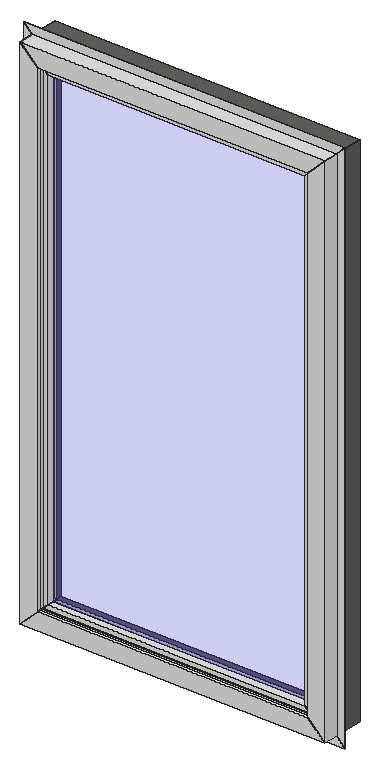
Revit family "511_CA_HL_nailfin", category Windows, host Wall, Revit 2019
Family settings
  Host = Wall
  OmniClass Number = 23.30.20.00
  OmniClass Title = Windows
  Always vertical = Yes
  Cut with Voids When Loaded = No
  Shared = No
  Room Calculation Point = No
Parameters (values of type "42x72Max")
  Setback = 1.71007"
  MLW = 3.2495"
  MLH = 1 / 2 * Height  # 36"
  Interior Color [instance] = White
  Height = 72"
  Exterior Color [instance] = Bronze
  Default Sill Height = 31.49606"
  Wall Closure = By host
  Width = 42"
Types (22): name | Setback | MLH | Height | Exterior Color | Width
  (no name) | 1.71007" | 36" | 72" | Bronze | 42"
  42x72Max | 1.71007" | 36" | 72" | Bronze | 42"
  30x72 | 2" | 36" | 72" | White | 30"
  15.75x21Min | 2" | 10 1/2" | 21" | White | 15 3/4"
  24x60 | 2" | 30" | 60" | White | 24"
  24x24 | 2" | 12" | 24" | White | 24"
  24x30 | 2" | 15" | 30" | White | 24"
  24x36 | 2" | 18" | 36" | White | 24"
  24x42 | 2" | 21" | 42" | White | 24"
  24x48 | 2" | 24" | 48" | White | 24"
  24x54 | 2" | 27" | 54" | White | 24"
  30x30 | 2" | 15" | 30" | White | 30"
  30x36 | 2" | 18" | 36" | White | 30"
  30x42 | 2" | 21" | 42" | White | 30"
  30x48 | 2" | 24" | 48" | White | 30"
  30x54 | 2" | 27" | 54" | White | 30"
  30x60 | 2" | 30" | 60" | White | 30"
  30x66 | 2" | 33" | 66" | White | 30"
  36x36 | 2" | 18" | 36" | White | 36"
  36x42 | 2" | 21" | 42" | White | 36"
  36x48 | 2" | 24" | 48" | White | 36"
  36x54 | 2" | 27" | 54" | White | 36"
Reference planes (in)
  plane 1 "Center (Front/Back)": y = 0
  plane 2 "Center (Left/Right)": x = 0
  plane 3 "Left": x = -21
  plane 4 "Right": x = 21
  plane 5 "Sill": z = 31.49606
  plane 6 "Head": z = 103.49606
  plane 7 "Exterior": y = 3.93701
  plane 8 "Interior": y = -3.93701
  plane 9 "Front of wall": y = 3.93701
  plane 10: x = -18.2505
  plane 11: x = 18.2515
  plane 12 "MLW1": x = 17.7505
  plane 13 "MLW2": x = -17.7505
  plane 14 "Front of glass": y = 4.22346
  plane 15 "Setback": y = 2.22694
Forms (in)
  Extrusion 1, solid, material "White" <- "Interior Color"
    sketch origin (0, 0, 0) x (0, -1, 0) y (0, 0, 1)
      loop
        line (-2.30664, 31.49606) -> (-2.30664, 30.3752) -> (-2.22694, 30.3752) -> (-2.22694, 31.49606) -> (-0.18946, 31.49606) -> (-0.18946, 33.86233) -> (-0.56308, 33.86233) -> (-0.56308, 34.04963) -> (-0.89087, 34.04963) -> (-0.89087, 34.73361) -> (-1.77511, 34.73361) -> (-1.77511, 34.23545) -> (-2.51687, 34.23545) -> (-2.51687, 34.67184) -> (-3.29201, 34.67184) -> (-3.29201, 34.11091) -> (-3.33186, 34.11091) -> (-3.33186, 32.12753) -> (-6.16739, 31.92591) -> (-6.16739, 31.49606) -> (-2.30664, 31.49606)
    from -22.12086 to 22.12086
  Extrusion 2, solid, material "White" <- "Interior Color"
    sketch origin (0, 0, 0) x (0, -1, 0) y (0, 0, 1)
      loop
        line (-2.30664, 103.49606) -> (-6.16739, 103.49606) -> (-6.16739, 103.06622) -> (-3.33186, 102.8646) -> (-3.33186, 100.88122) -> (-3.29201, 100.88122) -> (-3.29201, 100.32029) -> (-2.51687, 100.32029) -> (-2.51687, 100.75668) -> (-1.77511, 100.75668) -> (-1.77511, 100.25852) -> (-0.89087, 100.25852) -> (-0.89087, 100.94249) -> (-0.56308, 100.94249) -> (-0.56308, 101.1298) -> (-0.18946, 101.1298) -> (-0.18946, 103.49606) -> (-2.22694, 103.49606) -> (-2.22694, 104.61692) -> (-2.30664, 104.61692) -> (-2.30664, 103.49606)
    from -22.12086 to 22.12086
  Extrusion 3, solid, material "White" <- "Interior Color"
    sketch origin (0, 0, 31.49606) x (0, -1, 0) y (1, 0, 0)
      loop
        line (-2.30664, -21) -> (-2.30664, -22.12086) -> (-2.22694, -22.12086) -> (-2.22694, -21) -> (-0.18946, -21) -> (-0.18946, -18.63374) -> (-0.56308, -18.63374) -> (-0.56308, -18.44643) -> (-0.89087, -18.44643) -> (-0.89087, -17.76245) -> (-1.77511, -17.76245) -> (-1.77511, -18.26061) -> (-2.51687, -18.26061) -> (-2.51687, -17.82423) -> (-3.29201, -17.82423) -> (-3.29201, -18.38515) -> (-3.33186, -18.38515) -> (-3.33186, -20.36853) -> (-6.16739, -20.57016) -> (-6.16739, -21) -> (-2.30664, -21)
    from -1.125 to 73.12086
  Extrusion 4, solid, material "White" <- "Interior Color"
    sketch origin (0, 0, 31.49606) x (0, -1, 0) y (1, 0, 0)
      loop
        line (-2.30664, 21) -> (-6.16739, 21) -> (-6.16739, 20.57016) -> (-3.33186, 20.36853) -> (-3.33186, 18.38515) -> (-3.29201, 18.38515) -> (-3.29201, 17.82423) -> (-2.51687, 17.82423) -> (-2.51687, 18.26061) -> (-1.77511, 18.26061) -> (-1.77511, 17.76245) -> (-0.89087, 17.76245) -> (-0.89087, 18.44643) -> (-0.56308, 18.44643) -> (-0.56308, 18.63374) -> (-0.18946, 18.63374) -> (-0.18946, 21) -> (-2.22694, 21) -> (-2.22694, 22.12086) -> (-2.30664, 22.12086) -> (-2.30664, 21)
    from -1.125 to 73.12086
  Sweep 5, void
    path in 3D
      loop
        line (18.92555, 6.47694, 103.49606) -> (18.92555, 2.22694, 103.49606)
    profile origin (18.92555, 4.35194, 103.49606) x (1, 0, 0) y (0, 0, 1)
      loop
        line (3.36222, 1.28777) -> (-1.49101, 1.28777) -> (-1.49101, -3.17577) -> (-0.5404, -3.17577) -> (-0.5404, -2.61485) -> (3.36222, 1.28777)
  Sweep 6, void
    path in 3D
      loop
        line (18.92555, 6.47694, 103.49606) -> (18.92555, 2.22694, 103.49606)
    profile origin (18.92555, 4.35194, 103.49606) x (1, 0, 0) y (0, 0, 1)
      loop
        line (-0.5404, -2.61485) -> (-0.5404, -4.6245) -> (4.19995, -4.6245) -> (4.19995, 2.1255) -> (-0.5404, -2.61485)
  Sweep 7, void
    path in 3D
      loop
        line (-16.62085, 6.97694, 103.49606) -> (-16.62085, 2.22694, 103.49606)
    profile origin (-16.62085, 4.60194, 103.49606) x (1, 0, 0) y (0, 0, 1)
      loop
        line (-5.69663, 1.31749) -> (-1.7643, -2.61485) -> (-1.7643, -3.17577) -> (-0.68988, -3.17577) -> (-0.68988, 1.31749) -> (-5.69663, 1.31749)
  Sweep 8, void
    path in 3D
      loop
        line (-16.62085, 6.97694, 103.49606) -> (-16.62085, 2.22694, 103.49606)
    profile origin (-16.62085, 4.60194, 103.49606) x (1, 0, 0) y (0, 0, 1)
      loop
        line (-5.75465, 1.3755) -> (-5.75465, -3.98235) -> (-1.7643, -3.98235) -> (-1.7643, -2.61485) -> (-5.75465, 1.3755)
  Sweep 9, void
    path in 3D
      loop
        line (-17.24836, 6.47694, 31.49606) -> (-17.24836, 2.22694, 31.49606)
    profile origin (-17.24836, 4.35194, 31.49606) x (1, 0, 0) y (0, 0, 1)
      loop
        line (-5.41705, -1.66542) -> (0.01145, -1.66542) -> (0.01145, 3.17577) -> (-1.13679, 3.17577) -> (-1.13679, 2.61485) -> (-5.41705, -1.66542)
  Sweep 10, void
    path in 3D
      loop
        line (-17.24836, 6.47694, 31.49606) -> (-17.24836, 2.22694, 31.49606)
    profile origin (-17.24836, 4.35194, 31.49606) x (1, 0, 0) y (0, 0, 1)
      loop
        line (-1.13679, 2.61485) -> (-1.13679, 4.3745) -> (-5.12714, 4.3745) -> (-5.12714, -1.3755) -> (-1.13679, 2.61485)
  Sweep 11, void
    path in 3D
      loop
        line (19.07566, 6.72694, 31.49606) -> (19.07566, 2.22694, 31.49606)
    profile origin (19.07566, 4.47694, 31.49606) x (1, 0, 0) y (0, 0, 1)
      loop
        line (3.2174, -1.29306) -> (-0.69051, 2.61485) -> (-0.69051, 3.17577) -> (-1.70016, 3.17577) -> (-1.70016, -1.29306) -> (3.2174, -1.29306)
  Sweep 12, void
    path in 3D
      loop
        line (19.07566, 6.72694, 31.49606) -> (19.07566, 2.22694, 31.49606)
    profile origin (19.07566, 4.47694, 31.49606) x (1, 0, 0) y (0, 0, 1)
      loop
        line (3.37908, -1.45475) -> (3.37908, 3.8745) -> (-0.69051, 3.8745) -> (-0.69051, 2.61485) -> (3.37908, -1.45475)
  Extrusion 13, void
    sketch origin (0, 3.93701, 0) x (1, 0, 0) y (0, 0, 1)
      loop
        line (-22.49016, 104.98622) -> (-22.49016, 99.11692) -> (-16.62085, 99.11692) -> (-22.49016, 104.98622)
    from 5.10168 to 1.71007
  Extrusion 14, void
    sketch origin (0, 3.93701, 0) x (1, 0, 0) y (0, 0, 1)
      loop
        line (-23.25, 105.74606) -> (-16.93414, 99.4302) -> (-16.93414, 105.74606) -> (-23.25, 105.74606)
    from 4.4877 to 1.71007
  Extrusion 15, void
    sketch origin (0, 3.93701, 0) x (1, 0, 0) y (0, 0, 1)
      loop
        line (24.25, 106.74606) -> (16.58058, 106.74606) -> (16.58058, 99.07665) -> (24.25, 106.74606)
    from 4.70607 to 1.71007
  Extrusion 16, void
    sketch origin (0, 3.93701, 0) x (1, 0, 0) y (0, 0, 1)
      loop
        line (22.75984, 105.25591) -> (16.91414, 99.4102) -> (22.75984, 99.4102) -> (22.75984, 105.25591)
    from 4.22148 to 1.71007
  Extrusion 17, void
    sketch origin (0, 3.93701, 0) x (1, 0, 0) y (0, 0, 1)
      loop
        line (23, 29.49606) -> (16.75736, 35.7387) -> (16.75736, 29.49606) -> (23, 29.49606)
    from 4.96066 to 1.71007
  Extrusion 18, void
    sketch origin (0, 3.93701, 0) x (1, 0, 0) y (0, 0, 1)
      loop
        line (16.63959, 35.85648) -> (24.50984, 27.98622) -> (24.50984, 35.85648) -> (16.63959, 35.85648)
    from 4.43803 to 1.71007
  Extrusion 19, void
    sketch origin (0, 3.93701, 0) x (1, 0, 0) y (0, 0, 1)
      loop
        line (-17.12511, 35.37096) -> (-23.76851, 35.37096) -> (-23.76851, 28.72756) -> (-17.12511, 35.37096)
    from 4.37557 to 1.71007
  Extrusion 20, void
    sketch origin (0, 3.93701, 0) x (1, 0, 0) y (0, 0, 1)
      loop
        line (-23.5, 28.99606) -> (-17.11091, 28.99606) -> (-17.11091, 35.38515) -> (-23.5, 28.99606)
    from 6.53548 to 1.71007
  Extrusion 21, solid, material "Glass"
    sketch origin (0, 0, 0) x (0, -1, 0) y (0, 0, 1)
      loop
        line (-2.51687, 100.74759) -> (-2.51687, 34.23545) -> (-1.77511, 34.23545) -> (-1.77511, 100.74759) -> (-2.51687, 100.74759)
    from -18.2515 to 18.2505
Cuts and joins
  Sweep 5, Sweep 11, Extrusion 15, Extrusion 17 cuts Extrusion 4
  Sweep 6, Sweep 8, Extrusion 13, Extrusion 16 cuts Extrusion 2
  Sweep 7, Sweep 9, Extrusion 14, Extrusion 20 cuts Extrusion 3
  Sweep 10, Sweep 12, Extrusion 18, Extrusion 19 cuts Extrusion 1
Lines and regions (in)
  Opening 1
    outline origin (137.79528, -3.93701, 0) x (1, 0, 0) y (0, 0, 1)
      loop
        line (-116.79528, 31.49606) -> (-116.79528, 103.49606) -> (-158.79528, 103.49606) -> (-158.79528, 31.49606) -> (-116.79528, 31.49606)
  reference lines
    curve 1: line (-16.62085, 6.97694, 103.49606) -> (-16.62085, 2.22694, 103.49606)
    curve 2: line (18.92555, 6.47694, 103.49606) -> (18.92555, 2.22694, 103.49606)
    curve 3: line (-17.24836, 6.47694, 31.49606) -> (-17.24836, 2.22694, 31.49606)
    curve 4: line (19.07566, 6.72694, 31.49606) -> (19.07566, 2.22694, 31.49606)
    curve 13: line (-17.7505, 4.22346, 100.24656) -> (17.7505, 4.22346, 67.49606)
    curve 14: line (17.7505, 4.22346, 67.49606) -> (-17.7505, 4.22346, 34.74556)
  sketch lines
    curve 5: line (18.92555, 6.47694, 103.49606) -> (18.92555, 2.22694, 103.49606)
    curve 6: line (18.92555, 6.47694, 103.49606) -> (18.92555, 2.22694, 103.49606)
    curve 7: line (-16.62085, 6.97694, 103.49606) -> (-16.62085, 2.22694, 103.49606)
    curve 8: line (-16.62085, 6.97694, 103.49606) -> (-16.62085, 2.22694, 103.49606)
    curve 9: line (-17.24836, 6.47694, 31.49606) -> (-17.24836, 2.22694, 31.49606)
    curve 10: line (-17.24836, 6.47694, 31.49606) -> (-17.24836, 2.22694, 31.49606)
    curve 11: line (19.07566, 6.72694, 31.49606) -> (19.07566, 2.22694, 31.49606)
    curve 12: line (19.07566, 6.72694, 31.49606) -> (19.07566, 2.22694, 31.49606)
  model lines
    curve 15: line (17.7505, 2.22694, 67.49606) -> (-17.7505, 2.22694, 34.74556)
    curve 16: line (17.7505, 2.22694, 67.49606) -> (-17.7505, 2.22694, 100.24656)
  symbolic lines
    curve 17: line (-17.7505, 3.93701, 100.24656) -> (17.7505, 3.93701, 67.49606)
    curve 18: line (17.7505, 3.93701, 67.49606) -> (-17.7505, 3.93701, 34.74556)
Text (in)
  text "EXTERIOR" at (-77.29147, 52.45485, 0), in view "Ref. Level"
  text "INTERIOR" at (-78.01048, -32.21994, 0), in view "Ref. Level"
  text "Exterior" at (0, 36.36817, 115.8778), in view "Right"
  text "Exterior" at (0, 40.96394, 105.72475), in view "Left"
Dimensions and locks (in)
  equal spacing: plane 3 "Left", plane 2 "Center (Left/Right)", plane 4 "Right"
  "Width": plane 3 "Left" to plane 4 "Right"
  "Height": plane 5 "Sill" to plane 6 "Head"
  "Default Sill Height": plane 5 "Sill" to level
  locked: plane 7 "Exterior" to host wall at 0
  locked: plane 8 "Interior" to host wall
  locked: plane 11 to plane 4 "Right" at 2.7485
  locked: plane 3 "Left" to plane 10 at 2.7495
  "MLW": plane 12 "MLW1" to plane 4 "Right"
  "MLW": plane 3 "Left" to plane 13 "MLW2"
  plane 5 "Sill" to curve 13 = 36"
  "MLW": curve 13 to plane 6 "Head"
  "MLW": plane 5 "Sill" to curve 14
  locked: plane 14 "Front of glass" to plane 9 "Front of wall" at 0.28645
  "MLH": curve 14 to plane 6 "Head"
  "MLH": plane 5 "Sill" to curve 13
  "Setback": plane 15 "Setback" to plane 9 "Front of wall"
  Extrusion 4 sketch curve to plane 15 "Setback" = 0.07971"
  locked: Extrusion 4 sketch curve to plane 15 "Setback" at 3.94045
  locked: Extrusion 4 sketch curve to plane 15 "Setback" at 1.10492
  locked: Extrusion 4 sketch curve to plane 15 "Setback" at 1.06507
  locked: Extrusion 4 sketch curve to plane 15 "Setback" at 0.28993
  locked: plane 15 "Setback" to Extrusion 4 sketch curve at 0.45183
  locked: plane 15 "Setback" to Extrusion 4 sketch curve at 1.33607
  locked: plane 15 "Setback" to Extrusion 4 sketch curve at 1.66386
  locked: plane 15 "Setback" to Extrusion 4 sketch curve at 2.03748
  locked: plane 4 "Right" to Extrusion 4 sketch curve at 1.12086
  locked: Extrusion 4 sketch curve to plane 4 "Right" at 0.42984
  locked: Extrusion 4 sketch curve to plane 4 "Right" at 0.63147
  locked: Extrusion 4 sketch curve to plane 4 "Right" at 2.61485
  locked: Extrusion 4 sketch curve to plane 4 "Right" at 3.17577
  locked: Extrusion 4 sketch curve to plane 4 "Right" at 2.73939
  locked: Extrusion 4 sketch curve to plane 4 "Right" at 3.23755
  locked: Extrusion 4 sketch curve to plane 4 "Right" at 2.55357
  locked: Extrusion 4 sketch curve to plane 4 "Right" at 2.36626
  locked: Extrusion 3 sketch curve to plane 3 "Left" at 1.12086
  locked: plane 3 "Left" to Extrusion 3 sketch curve at 0.42984
  locked: plane 3 "Left" to Extrusion 3 sketch curve at 0.63147
  locked: plane 3 "Left" to Extrusion 3 sketch curve at 2.61485
  locked: plane 3 "Left" to Extrusion 3 sketch curve at 3.17577
  locked: plane 3 "Left" to Extrusion 3 sketch curve at 2.73939
  locked: plane 3 "Left" to Extrusion 3 sketch curve at 3.23755
  locked: plane 3 "Left" to Extrusion 3 sketch curve at 2.55357
  locked: plane 3 "Left" to Extrusion 3 sketch curve at 2.36626
  locked: Extrusion 3 sketch curve to plane 15 "Setback" at 0.28993
  locked: Extrusion 3 sketch curve to plane 15 "Setback" at 1.06507
  locked: Extrusion 3 sketch curve to plane 15 "Setback" at 1.10492
  locked: Extrusion 3 sketch curve to plane 15 "Setback" at 3.94045
  locked: Extrusion 3 sketch curve to plane 15 "Setback" at 0.07971
  locked: plane 15 "Setback" to Extrusion 3 sketch curve at 0.45183
  locked: plane 15 "Setback" to Extrusion 3 sketch curve at 1.33607
  locked: plane 15 "Setback" to Extrusion 3 sketch curve at 1.66386
  locked: plane 15 "Setback" to Extrusion 3 sketch curve at 2.03748
  locked: Extrusion 1 sketch curve to plane 15 "Setback" at 0.07971
  locked: Extrusion 1 sketch curve to plane 15 "Setback" at 1.10492
  locked: Extrusion 1 sketch curve to plane 15 "Setback" at 1.06507
  locked: Extrusion 1 sketch curve to plane 15 "Setback" at 0.28993
  locked: plane 15 "Setback" to Extrusion 1 sketch curve at 0.45183
  locked: plane 15 "Setback" to Extrusion 1 sketch curve at 1.33607
  locked: Extrusion 1 sketch curve to plane 15 "Setback" at 3.94045
  locked: plane 15 "Setback" to Extrusion 1 sketch curve at 1.66386
  locked: plane 15 "Setback" to Extrusion 1 sketch curve at 2.03748
  locked: Extrusion 1 sketch curve to plane 5 "Sill" at 1.12086
  locked: plane 5 "Sill" to Extrusion 1 sketch curve at 0.42984
  locked: plane 5 "Sill" to Extrusion 1 sketch curve at 0.63147
  locked: plane 5 "Sill" to Extrusion 1 sketch curve at 2.61485
  locked: plane 5 "Sill" to Extrusion 1 sketch curve at 3.17577
  locked: plane 5 "Sill" to Extrusion 1 sketch curve at 2.73939
  locked: plane 5 "Sill" to Extrusion 1 sketch curve at 3.23755
  locked: plane 5 "Sill" to Extrusion 1 sketch curve at 2.55357
  locked: plane 5 "Sill" to Extrusion 1 sketch curve at 2.36626
  locked: Extrusion 21 sketch curve to plane 15 "Setback" at 0.28993
  locked: plane 15 "Setback" to Extrusion 21 sketch curve at 0.45183
  locked: Extrusion 21 sketch curve to plane 6 "Head" at 2.74848
  locked: plane 5 "Sill" to Extrusion 21 sketch curve at 2.73939
  locked: Extrusion 2 sketch curve to plane 15 "Setback" at 0.07971
  locked: Extrusion 2 sketch curve to plane 15 "Setback" at 3.94045
  locked: Extrusion 2 sketch curve to plane 15 "Setback" at 1.10492
  locked: Extrusion 2 sketch curve to plane 15 "Setback" at 1.06507
  locked: Extrusion 2 sketch curve to plane 15 "Setback" at 0.28993
  locked: plane 15 "Setback" to Extrusion 2 sketch curve at 0.45183
  locked: plane 15 "Setback" to Extrusion 2 sketch curve at 1.33607
  locked: plane 15 "Setback" to Extrusion 2 sketch curve at 1.66386
  locked: plane 15 "Setback" to Extrusion 2 sketch curve at 2.03748
  locked: plane 6 "Head" to Extrusion 2 sketch curve at 1.12086
  locked: Extrusion 2 sketch curve to plane 6 "Head" at 0.42984
  locked: Extrusion 2 sketch curve to plane 6 "Head" at 0.63147
  locked: Extrusion 2 sketch curve to plane 6 "Head" at 2.61485
  locked: Extrusion 2 sketch curve to plane 6 "Head" at 3.17577
  locked: Extrusion 2 sketch curve to plane 6 "Head" at 2.73939
  locked: Extrusion 2 sketch curve to plane 6 "Head" at 3.23755
  locked: Extrusion 2 sketch curve to plane 6 "Head" at 2.55357
  locked: Extrusion 2 sketch curve to plane 6 "Head" at 2.36626
  locked: curve 2 to plane 15 "Setback" at 0
  locked: curve 2 to plane 15 "Setback" at 4.25
  locked: curve 1 to plane 15 "Setback" at 0
  locked: curve 1 to plane 15 "Setback" at 4.75
  locked: curve 4 to plane 15 "Setback" at 4.5
  locked: curve 4 to plane 15 "Setback" at 0
  locked: curve 3 to plane 15 "Setback" at 4.25
  locked: curve 3 to plane 15 "Setback" at 0
  locked: plane 15 "Setback" to Extrusion 18 at 2.72796
  locked: plane 15 "Setback" to Extrusion 17 at 3.25059
  locked: plane 15 "Setback" to Extrusion 19 at 2.6655
  locked: plane 15 "Setback" to Extrusion 20 at 4.8254
  locked: plane 15 "Setback" to Extrusion 14 at 2.77763
  locked: plane 15 "Setback" to Extrusion 13 at 3.39161
  locked: plane 15 "Setback" to Extrusion 16 at 2.51141
  locked: plane 15 "Setback" to Extrusion 15 at 2.996
  locked: plane 6 "Head" to cut or joined group of Extrusion 3, Sweep 7, Sweep 9, Extrusion 14, Extrusion 20 at 1.12086
  locked: plane 6 "Head" to cut or joined group of Extrusion 4, Sweep 5, Sweep 11, Extrusion 15, Extrusion 17 at 1.12086
  locked: plane 4 "Right" to cut or joined group of Extrusion 2, Sweep 6, Sweep 8, Extrusion 13, Extrusion 16 at 1.12086
  locked: cut or joined group of Extrusion 2, Sweep 6, Sweep 8, Extrusion 13, Extrusion 16 to plane 3 "Left" at 1.12086
  locked: cut or joined group of Extrusion 1, Sweep 10, Sweep 12, Extrusion 18, Extrusion 19 to plane 3 "Left" at 1.12086
  locked: plane 4 "Right" to cut or joined group of Extrusion 1, Sweep 10, Sweep 12, Extrusion 18, Extrusion 19 at 1.12086
  locked: plane 4 "Right" to Sweep 5 sketch curve at 2.61485
  locked: Sweep 5 sketch curve to plane 6 "Head" at 2.61485
  locked: Sweep 5 sketch curve to plane 6 "Head" at 3.17577
  locked: plane 4 "Right" to Sweep 6 sketch curve at 2.61485
  locked: Sweep 6 sketch curve to plane 6 "Head" at 2.61485
  locked: Sweep 8 sketch curve to plane 6 "Head" at 2.61485
  locked: plane 3 "Left" to Sweep 8 sketch curve at 2.61485
  locked: Sweep 7 sketch curve to plane 6 "Head" at 3.17577
  locked: Sweep 7 sketch curve to plane 6 "Head" at 2.61485
  locked: plane 3 "Left" to Sweep 7 sketch curve at 2.61485
  locked: plane 3 "Left" to Sweep 10 sketch curve at 2.61485
  locked: plane 5 "Sill" to Sweep 10 sketch curve at 2.61485
  locked: plane 5 "Sill" to Sweep 10 sketch curve at 4.3745
  locked: plane 3 "Left" to Sweep 9 sketch curve at 2.61485
  locked: plane 3 "Left" to Sweep 9 sketch curve at 3.76309
  locked: plane 5 "Sill" to Sweep 9 sketch curve at 3.17577
  locked: plane 5 "Sill" to Sweep 9 sketch curve at 2.61485
  locked: plane 5 "Sill" to Sweep 11 sketch curve at 3.17577
  locked: plane 5 "Sill" to Sweep 11 sketch curve at 2.61485
  locked: Sweep 11 sketch curve to plane 4 "Right" at 3.6245
  locked: Sweep 11 sketch curve to plane 4 "Right" at 2.61485
  locked: Sweep 12 sketch curve to plane 4 "Right" at 2.61485
  locked: plane 5 "Sill" to Sweep 12 sketch curve at 3.8745
  locked: plane 5 "Sill" to Sweep 12 sketch curve at 2.61485
  aligned and locked: plane 9 "Front of wall" to host wall
  aligned and locked: plane 10 to Extrusion 21
  aligned and locked: Extrusion 21 to plane 11
  aligned and locked: plane 12 "MLW1" to curve 14
  aligned and locked: curve 13 to plane 13 "MLW2"
  aligned and locked: plane 13 "MLW2" to curve 14
  aligned and locked: curve 14 to curve 15
  aligned and locked: curve 16 to curve 13
  aligned and locked: plane 12 "MLW1" to curve 13
  aligned and locked: curve 14 to curve 18
  aligned and locked: curve 13 to curve 17
  aligned and locked: Extrusion 4 sketch curve to plane 4 "Right"
  aligned and locked: Extrusion 4 sketch curve to plane 15 "Setback"
  aligned and locked: Extrusion 3 sketch curve to plane 3 "Left"  (x2)
  aligned and locked: plane 15 "Setback" to Extrusion 3 sketch curve
  aligned and locked: plane 15 "Setback" to Extrusion 1 sketch curve
  aligned and locked: Extrusion 1 sketch curve to plane 5 "Sill"  (x2)
  aligned and locked: Extrusion 2 sketch curve to plane 15 "Setback"
  aligned and locked: Extrusion 2 sketch curve to plane 6 "Head"  (x2)
  aligned and locked: plane 15 "Setback" to Extrusion 18
  aligned and locked: plane 15 "Setback" to Extrusion 17
  aligned and locked: plane 15 "Setback" to Extrusion 20
  aligned and locked: plane 15 "Setback" to Extrusion 19
  aligned and locked: Extrusion 14 to plane 15 "Setback"
  aligned and locked: Extrusion 13 to plane 15 "Setback"
  aligned and locked: plane 15 "Setback" to Extrusion 15
  aligned and locked: plane 15 "Setback" to Extrusion 16
Automatic sketch dimensions
  profile plane to Sweep 5 sketch curve = 1.49101"
  Sweep 5 sketch curve to profile plane = 3.36222"
  profile plane to Sweep 5 sketch curve = 1.28777"
  Sweep 6 sketch curve to Sweep 6 sketch curve = 2.00965"
  Sweep 6 sketch curve to profile plane = 4.19995"
  profile plane to Sweep 6 sketch curve = 2.1255"
  profile plane to Sweep 7 sketch curve = 0.68988"
  Sweep 7 sketch curve to Sweep 7 sketch curve = 5.00675"
  profile plane to Sweep 7 sketch curve = 1.31749"
  profile plane to Sweep 8 sketch curve = 5.75465"
  Sweep 8 sketch curve to Sweep 8 sketch curve = 1.3675"
  profile plane to Sweep 8 sketch curve = 1.3755"
  profile plane to Sweep 9 sketch curve = 5.41705"
  Sweep 9 sketch curve to profile plane = 1.66542"
  profile plane to Sweep 10 sketch curve = 5.12714"
  Sweep 10 sketch curve to profile plane = 1.3755"
  Sweep 11 sketch curve to profile plane = 3.2174"
  Sweep 11 sketch curve to profile plane = 1.29306"
  Sweep 12 sketch curve to profile plane = 1.45475"
  Sweep 12 sketch curve to profile plane = 3.37908"
  curve 18 to plane 13 "MLW2" = 0"
  curve 17 to plane 13 "MLW2" = 0"
  Extrusion 4 sketch curve to Extrusion 4 sketch curve = 0"
  plane 3 "Left" to Opening 1 sketch curve = 0"
  plane 4 "Right" to Opening 1 sketch curve = 0"
  Opening 1 sketch curve to plane 5 "Sill" = 0"
  Opening 1 sketch curve to plane 6 "Head" = 0"
  plane 3 "Left" to Extrusion 13 sketch curve = 1.49016"
  plane 13 "MLW2" to Extrusion 13 sketch curve = 1.12965"
  Extrusion 13 sketch curve to plane 6 "Head" = 1.49016"
  plane 3 "Left" to Extrusion 14 sketch curve = 2 1/4"
  plane 13 "MLW2" to Extrusion 14 sketch curve = 0.81636"
  Extrusion 14 sketch curve to plane 6 "Head" = 2 1/4"
  plane 12 "MLW1" to Extrusion 15 sketch curve = 1.16992"
  Extrusion 15 sketch curve to plane 4 "Right" = 3 1/4"
  Extrusion 15 sketch curve to plane 6 "Head" = 3 1/4"
  plane 12 "MLW1" to Extrusion 16 sketch curve = 0.83636"
  Extrusion 16 sketch curve to plane 4 "Right" = 1.75984"
  Extrusion 16 sketch curve to plane 6 "Head" = 1.75984"
  plane 12 "MLW1" to Extrusion 17 sketch curve = 0.99314"
  Extrusion 17 sketch curve to plane 4 "Right" = 2"
  plane 5 "Sill" to Extrusion 17 sketch curve = 2"
  plane 12 "MLW1" to Extrusion 18 sketch curve = 1.11091"
  Extrusion 18 sketch curve to plane 4 "Right" = 3.50984"
  plane 5 "Sill" to Extrusion 18 sketch curve = 3.50984"
  plane 3 "Left" to Extrusion 19 sketch curve = 2.76851"
  plane 13 "MLW2" to Extrusion 19 sketch curve = 0.62539"
  plane 5 "Sill" to Extrusion 19 sketch curve = 2.76851"
  plane 3 "Left" to Extrusion 20 sketch curve = 2 1/2"
  plane 13 "MLW2" to Extrusion 20 sketch curve = 0.63959"
  plane 5 "Sill" to Extrusion 20 sketch curve = 2 1/2"
  Extrusion 17 sketch curve to plane 5 "Sill" = 4.24264"
  Extrusion 18 sketch curve to plane 5 "Sill" = 4.36041"
  Extrusion 19 sketch curve to plane 5 "Sill" = 3.87489"
  Extrusion 20 sketch curve to plane 5 "Sill" = 3.88909"
  plane 6 "Head" to Extrusion 13 sketch curve = 4.37915"
  plane 6 "Head" to Extrusion 14 sketch curve = 4.06586"
  plane 6 "Head" to Extrusion 15 sketch curve = 4.41942"
  plane 6 "Head" to Extrusion 16 sketch curve = 4.08586"
  plane 13 "MLW2" to curve 1 = 1.12965"
  curve 2 to plane 11 = 0.67405"
  plane 13 "MLW2" to curve 3 = 0.50214"
  curve 4 to plane 11 = 0.82416"
  curve 16 to plane 13 "MLW2" = 0"
  curve 15 to plane 13 "MLW2" = 0"
